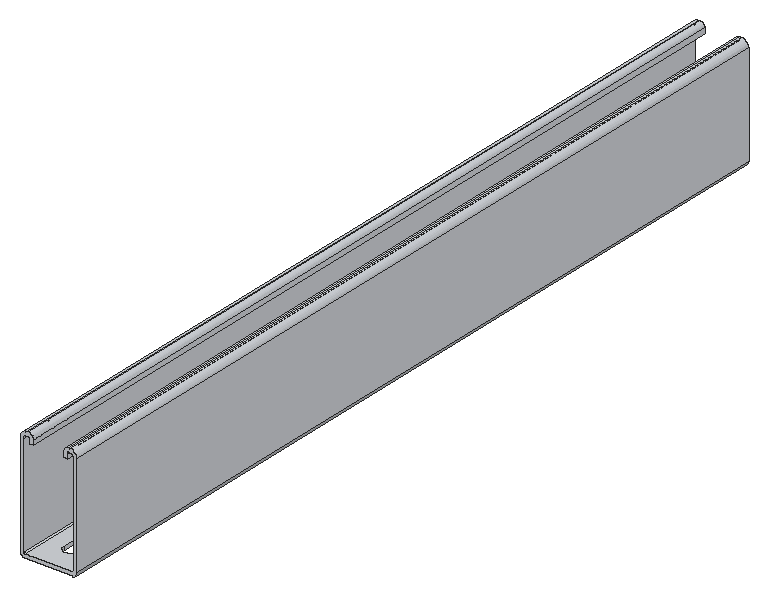
Revit family "Channel-Unistrut-P5000_SL", category Specialty Equipment, Revit 2012
Parameters (values of type "P5000 SL")
  ecoScorecard_data = ""
  ecoScorecard Product Page = ""
  Weight Per Foot = 3.00 lbf/ft
  Unit = none
  URL = "http://unistrut.us/index.php"
  Subcategory = "1 5/8\" Channels"
  Product Page URL = "http://unistrut.us/index.php?WP=cat_detail&S=S05&P=P5000sl"
  Power Strut Part Number = "PS 200 KO6"  # constant formula
  Part Type = "Channel"  # constant formula
  Part Number = ""
  Overall Width = 1 5/8"  # constant formula
  Overall Height = 3 1/4"  # constant formula
  Model = "P5000 SL"  # constant formula
  Material = "Multiple Options - See Catalog"
  Manufacturer Toll Free Phone = "800-882-5543"  # constant formula
  Manufacturer Phone = "708-339-1610"  # constant formula
  Manufacturer Fax = "708-339-7814"  # constant formula
  Manufacturer Email = "mailto:questions@atkore.com"
  Manufacturer Address = "16100 South Lathrop Avenue, Harvey, IL 60426"  # constant formula
  Manufacturer = "Unistrut by Atkore International"  # constant formula
  Load Capacity Note = "Visit the product page for load application and capacity."  # constant formula
  Literature URL = "http://unistrut.us/index.php?WP=LItLibrary"
  Length [instance] = 24"
  Knockouts Spacing From End = 2"
  Hole Spacing On Center Dimension = 4"
  Gauge Thickness = "12 Gauge (.105”)"  # constant formula
  Description = "P5000 SL Channel"  # constant formula
  Cost Info = "mailto:questions@atkore.com"
  Construction Note = "Slots are 3\" x 13⁄32\" @ 4\" on Center"
  Category = "Specialty Equipment"  # constant formula
  CSI MasterSpec = "http://www.unistrut.us/a_files/TechRef/Unistrut_CSI_05430.pdf"
  CAD URL = "http://unistrut.us/index.php?WP=CAD3d"
  Assembly Code = "D5020100"
  95 CSI = "16070"  # constant formula
  04 CSI = "26 05 48"  # constant formula
Reference planes (in)
  plane 1 "Center (Front/Back)": y = 0
  plane 2: z = 0
  plane 3 "Center (Left/Right)": x = 0
  plane 4: z = 3.25
  plane 5: y = 12
  plane 6: x = -0.8125
  plane 7: y = -12
  plane 8: x = 0.8125
  plane 9: y = -10
  plane 10: y = -6
Dimensions and locks (in)
  "Overall Height": plane 4 to level
  equal spacing: plane 6, plane 3 "Center (Left/Right)", plane 8
  "Overall Width": plane 6 to plane 8
  equal spacing: plane 5, plane 1 "Center (Front/Back)", plane 7
  "Length": plane 5 to plane 7
  "Knockouts Spacing From End": plane 7 to plane 9
  "Hole Spacing On Center Dimension": plane 10 to plane 9
  aligned and locked: level to plane 2
  aligned and locked: plane 1 "Center (Front/Back)" to nested 1
  aligned and locked: plane 3 "Center (Left/Right)" to nested 1
  aligned and locked: nested 1 to level
Nested families (in)
  nested 1: "P5000 SL Channel" at (0, 0, 0), type "P5000 SL Channel"
    with # Of Array 6
Definition of nested family "P5000 SL Channel"
  Parameters (values of type "P5000 SL Channel")
    Width = 1 5/8"
    Unit = none
    Length = 24"
    Knockouts Spacing On Center = 4"
    Knockouts Spacing From End = 2"
    Height = 3 1/4"
    # Of Array [instance] = (Length - Knockouts Spacing From End * 2) / Knockouts Spacing On Center + 1  # 6
  Reference planes (in)
    plane 1 "Center (Front/Back)": y = 0
    plane 2: z = 0
    plane 3 "Center (Left/Right)": x = 0
    plane 4: z = 3.25
    plane 5: x = -0.8125
    plane 6: x = 0.8125
    plane 7: y = 12
    plane 8: y = -12
    plane 9: x = 0.4375
    plane 10: x = -0.4375
    plane 11: z = 2.96875
    plane 12: y = -10
    plane 13: y = -6
    plane 14: z = 0.105
  Forms (in)
    Sweep 1, solid, material <- "Unit", detail levels fine
      path origin (0, 0, 0) x (1, 0, 0) y (0, 1, 0)
        loop
          line (0, 12) -> (0, -12)
      profile origin (0, 0, 0) x (1, 0, 0) y (0, 0, 1)
        loop
          line (0.7075, 3.051) -> (0.7075, 0.13625)
          arc (0.7075, 0.13625) -> (0.69835, 0.11415) -> (0.67625, 0.105) r 0.03125
          line (0.67625, 0.105) -> (-0.67625, 0.105)
          arc (-0.67625, 0.105) -> (-0.69835, 0.11415) -> (-0.7075, 0.13625) r 0.03125
          line (-0.7075, 0.13625) -> (-0.7075, 3.051)
          arc (-0.7075, 3.051) -> (-0.68004, 3.11729) -> (-0.61375, 3.14475) r 0.09375
          line (-0.61375, 3.14475) -> (-0.57375, 3.14475)
          arc (-0.57375, 3.14475) -> (-0.55165, 3.1356) -> (-0.5425, 3.1135) r 0.03125
          line (-0.5425, 3.1135) -> (-0.5425, 2.96875) -> (-0.4375, 2.96875) -> (-0.4375, 3.1135)
          arc (-0.4375, 3.1135) -> (-0.47741, 3.20984) -> (-0.57375, 3.24975) r 0.13625
          line (-0.57375, 3.24975) -> (-0.61375, 3.24975)
          arc (-0.61375, 3.24975) -> (-0.75429, 3.19154) -> (-0.8125, 3.051) r 0.19875
          line (-0.8125, 3.051) -> (-0.8125, 0.13625)
          arc (-0.8125, 0.13625) -> (-0.77259, 0.03991) -> (-0.67625, 0) r 0.13625
          line (-0.67625, 0) -> (0.67625, 0)
          arc (0.67625, 0) -> (0.77259, 0.03991) -> (0.8125, 0.13625) r 0.13625
          line (0.8125, 0.13625) -> (0.8125, 3.051)
          arc (0.8125, 3.051) -> (0.75429, 3.19154) -> (0.61375, 3.24975) r 0.19875
          line (0.61375, 3.24975) -> (0.57375, 3.24975)
          arc (0.57375, 3.24975) -> (0.47741, 3.20984) -> (0.4375, 3.1135) r 0.13625
          line (0.4375, 3.1135) -> (0.4375, 2.96875) -> (0.5425, 2.96875) -> (0.5425, 3.1135)
          arc (0.5425, 3.1135) -> (0.55165, 3.1356) -> (0.57375, 3.14475) r 0.03125
          line (0.57375, 3.14475) -> (0.61375, 3.14475)
          arc (0.61375, 3.14475) -> (0.68004, 3.11729) -> (0.7075, 3.051) r 0.09375
    Extrusion 2, void
      sketch origin (0, 1, 0) x (1, 0, 0) y (0, 1, 0)
        loop
          arc (0.20313, -9.78125) -> (0, -9.57813) -> (-0.20312, -9.78125) r 0.20313
          line (-0.20312, -9.78125) -> (-0.20312, -12.21875)
          arc (-0.20312, -12.21875) -> (0, -12.42188) -> (0.20313, -12.21875) r 0.20313
          line (0.20313, -12.21875) -> (0.20313, -9.78125)
      from 0 to 0.105
    Extrusion 3, void
      sketch origin (0, 5, 0) x (1, 0, 0) y (0, 1, 0)
        loop
          arc (0.20313, -9.78125) -> (0, -9.57813) -> (-0.20312, -9.78125) r 0.20313
          line (-0.20312, -9.78125) -> (-0.20312, -12.21875)
          arc (-0.20312, -12.21875) -> (0, -12.42188) -> (0.20313, -12.21875) r 0.20313
          line (0.20313, -12.21875) -> (0.20313, -9.78125)
      from 0 to 0.105
    Extrusion 4, void
      sketch origin (0, 9, 0) x (1, 0, 0) y (0, 1, 0)
        loop
          arc (0.20313, -9.78125) -> (0, -9.57813) -> (-0.20312, -9.78125) r 0.20313
          line (-0.20312, -9.78125) -> (-0.20312, -12.21875)
          arc (-0.20312, -12.21875) -> (0, -12.42188) -> (0.20313, -12.21875) r 0.20313
          line (0.20313, -12.21875) -> (0.20313, -9.78125)
      from 0 to 0.105
    Extrusion 5, void
      sketch origin (0, 13, 0) x (1, 0, 0) y (0, 1, 0)
        loop
          arc (0.20313, -9.78125) -> (0, -9.57813) -> (-0.20312, -9.78125) r 0.20313
          line (-0.20312, -9.78125) -> (-0.20312, -12.21875)
          arc (-0.20312, -12.21875) -> (0, -12.42188) -> (0.20313, -12.21875) r 0.20313
          line (0.20313, -12.21875) -> (0.20313, -9.78125)
      from 0 to 0.105
    Extrusion 6, void
      sketch origin (0, 17, 0) x (1, 0, 0) y (0, 1, 0)
        loop
          arc (0.20313, -9.78125) -> (0, -9.57813) -> (-0.20312, -9.78125) r 0.20313
          line (-0.20312, -9.78125) -> (-0.20312, -12.21875)
          arc (-0.20312, -12.21875) -> (0, -12.42188) -> (0.20313, -12.21875) r 0.20313
          line (0.20313, -12.21875) -> (0.20313, -9.78125)
      from 0 to 0.105
    Extrusion 7, void
      sketch origin (0, 21, 0) x (1, 0, 0) y (0, 1, 0)
        loop
          arc (0.20313, -9.78125) -> (0, -9.57813) -> (-0.20312, -9.78125) r 0.20313
          line (-0.20312, -9.78125) -> (-0.20312, -12.21875)
          arc (-0.20312, -12.21875) -> (0, -12.42188) -> (0.20313, -12.21875) r 0.20313
          line (0.20313, -12.21875) -> (0.20313, -9.78125)
      from 0 to 0.105
  Cuts and joins
    Extrusion 2, Extrusion 3, Extrusion 4, Extrusion 5, Extrusion 6, Extrusion 7 cuts Sweep 1
  Lines and regions (in)
    symbolic lines, style "Channel", detail levels fine
      curve 1: line (0.8125, 12, 0) -> (0.8125, -12, 0)
      curve 2: line (-0.8125, 12, 0) -> (0.8125, 12, 0)
      curve 3: line (-0.8125, 12, 0) -> (-0.8125, -12, 0)
      curve 4: line (0.4375, 12, 0) -> (0.4375, -12, 0)
      curve 5: line (-0.4375, 12, 0) -> (-0.4375, -12, 0)
      curve 6: line (-0.8125, -12, 0) -> (0.8125, -12, 0)
  Dimensions and locks (in)
    "Height": plane 4 to level
    equal spacing: plane 6, plane 3 "Center (Left/Right)", plane 5
    "Width": plane 6 to plane 5
    equal spacing: plane 7, plane 1 "Center (Front/Back)", plane 8
    "Length": plane 7 to plane 8
    locked: plane 6 to plane 9 at 0.375
    locked: plane 5 to plane 10 at 0.375
    locked: plane 4 to plane 11 at 0.28125
    locked: plane 6 to Sweep 1 sketch curve at 0.105
    locked: Sweep 1 sketch curve to plane 5 at 0.105
    locked: Sweep 1 sketch curve to level at 0.105
    locked: plane 4 to Sweep 1 sketch curve at 0.28125  (x2)
    "Knockouts Spacing From End": plane 8 to plane 12
    "Knockouts Spacing On Center": plane 13 to plane 12
    locked: plane 14 to level at 0.105
    equal spacing: group 1, group 2, group 3, group 4, group 5, group 6  (x3)
    aligned and locked: plane 2 to level
    aligned and locked: plane 8 to Sweep 1 sketch curve
    aligned and locked: plane 7 to Sweep 1 sketch curve
    aligned and locked: Sweep 1 sketch curve to plane 3 "Center (Left/Right)"
    aligned and locked: plane 6 to Sweep 1 sketch curve
    aligned and locked: Sweep 1 sketch curve to plane 5
    aligned and locked: Sweep 1 sketch curve to level
    aligned and locked: plane 14 to Sweep 1
    aligned and locked: nested 1 to plane 14
    aligned and locked: plane 3 "Center (Left/Right)" to nested 1
    aligned and locked: nested 1 to plane 12
    aligned and locked: nested 2 to plane 13
    aligned and locked: plane 3 "Center (Left/Right)" to nested 2
    aligned and locked: Extrusion 2 to level
    aligned and locked: Sweep 1 to Extrusion 2
    aligned and locked: plane 1 "Center (Front/Back)" to nested 7
    aligned and locked: plane 3 "Center (Left/Right)" to nested 7
    aligned and locked: nested 7 to level
    aligned and locked: curve 1 to plane 6
    aligned and locked: curve 2 to plane 7
    aligned and locked: curve 3 to plane 5
    aligned and locked: curve 4 to plane 9
    aligned and locked: plane 10 to curve 5
    aligned and locked: plane 8 to curve 6
    aligned and locked: Extrusion 2 sketch curve to nested 1  (x2)
    aligned and locked: Extrusion 3 sketch curve to nested 2  (x2)
    aligned and locked: Extrusion 4 sketch curve to nested 3  (x2)
    aligned and locked: Extrusion 5 sketch curve to nested 4  (x2)
    aligned and locked: Extrusion 6 sketch curve to nested 5  (x2)
    aligned and locked: Extrusion 7 sketch curve to nested 6  (x2)
  Automatic sketch dimensions
    Sweep 1 sketch curve to Sweep 1 sketch curve = 0"  (x10)
    Sweep 1 sketch curve to Sweep 1 sketch curve = 1/32"  (x3)
    Sweep 1 sketch curve to Sweep 1 sketch curve = 3/32"  (x2)
    Sweep 1 sketch curve to Sweep 1 sketch curve = 0.04"  (x2)
    Sweep 1 sketch curve to profile plane = 0.67625"
    Sweep 1 sketch curve to Sweep 1 sketch curve = 0.08225"  (x2)
    curve 4 to curve 1 = 0"
    curve 1 to curve 4 = 0"
    curve 5 to curve 3 = 0"
    curve 3 to curve 5 = 0"
    Extrusion 2 sketch curve to Extrusion 2 sketch curve = 2 7/16"
    Extrusion 3 sketch curve to Extrusion 3 sketch curve = 2 7/16"
    Extrusion 4 sketch curve to Extrusion 4 sketch curve = 2 7/16"
    Extrusion 5 sketch curve to Extrusion 5 sketch curve = 2 7/16"
    Extrusion 6 sketch curve to Extrusion 6 sketch curve = 2 7/16"
    Extrusion 7 sketch curve to Extrusion 7 sketch curve = 2 7/16"
  Nested families (in)
    nested 1: "Model Line" at (0, -10, 0.105), type "Model Line"
    nested 2: "Model Line" at (0, -6, 0.105), type "Model Line"
    nested 3: "Model Line" at (0, -2, 0.105), type "Model Line"
    nested 4: "Model Line" at (0, 2, 0.105), type "Model Line"
    nested 5: "Model Line" at (0, 6, 0.105), type "Model Line"
    nested 6: "Model Line" at (0, 10, 0.105), type "Model Line"
    nested 7: "P5000 T_Detail" at (0, 0, 0), type "P5000 T_Detail"
  Definition of nested family "Model Line"
    Parameters (values of type "Model Line")
      Hole Radius = 9/32"
    Reference planes (in)
      plane 1 "Center (Front/Back)": y = 0
      plane 2: z = 0
      plane 3 "Center (Left/Right)": x = 0
    Lines and regions (in)
      model lines, style "Channel", detail levels fine
        curve 1: line (-0.20312, -1.21875, 0) -> (-0.20312, 1.21875, 0)
        curve 2: line (0.20313, 1.21875, 0) -> (0.20313, -1.21875, 0)
        curve 3: arc (-0.20312, 1.21875, 0) -> (0, 1.42187, 0) -> (0.20313, 1.21875, 0) r 0.20313
        curve 4: arc (-0.20312, -1.21875, 0) -> (0, -1.42188, 0) -> (0.20313, -1.21875, 0) r 0.20313
    Dimensions and locks (in)
      aligned and locked: plane 2 to level
  Definition of nested family "P5000 T_Detail"
    Parameters (values of type "P5000 T_Detail")
      Unit = none
      Length = 12"
      Height = 3 1/4"  # constant formula
      Depth = 1 5/8"  # constant formula
    Reference planes (in)
      plane 1 "Center (Front/Back)": y = 0
      plane 2: z = 0
      plane 3 "Center (Left/Right)": x = 0
      plane 4: y = 6
      plane 5: y = -6
      plane 6: x = -0.8125
      plane 7: x = 0.8125
      plane 8: z = 3.25
    Forms (in)
      Sweep 1, solid, material <- "Unit", detail levels coarse+medium
        path origin (0, 0, 0) x (1, 0, 0) y (0, 1, 0)
          loop
            line (0, 6) -> (0, -6)
        profile origin (0, 0, 0) x (1, 0, 0) y (0, 0, 1)
          loop
            line (0.8125, 3.25) -> (-0.8125, 3.25) -> (-0.8125, 0) -> (0.8125, 0) -> (0.8125, 3.25)
    Lines and regions (in)
      symbolic lines, style "Channel", detail levels coarse+medium
        curve 1: line (-0.8125, 6, 0) -> (0.8125, 6, 0)
        curve 2: line (0.8125, 6, 0) -> (0.8125, -6, 0)
        curve 3: line (-0.8125, 6, 0) -> (-0.8125, -6, 0)
        curve 4: line (-0.8125, -6, 0) -> (0.8125, -6, 0)
    Dimensions and locks (in)
      equal spacing: plane 6, plane 3 "Center (Left/Right)", plane 7
      "Depth": plane 6 to plane 7
      equal spacing: plane 4, plane 1 "Center (Front/Back)", plane 5
      "Length": plane 4 to plane 5
      "Height": plane 8 to level
      aligned and locked: plane 2 to level
      aligned and locked: plane 5 to Sweep 1 sketch curve
      aligned and locked: plane 4 to Sweep 1 sketch curve
      aligned and locked: Sweep 1 sketch curve to plane 3 "Center (Left/Right)"
      aligned and locked: Sweep 1 sketch curve to plane 7
      aligned and locked: Sweep 1 sketch curve to plane 8
      aligned and locked: Sweep 1 sketch curve to plane 6
      aligned and locked: Sweep 1 sketch curve to level
      aligned and locked: curve 1 to plane 4
      aligned and locked: curve 2 to plane 7
      aligned and locked: curve 3 to plane 6
      aligned and locked: curve 4 to plane 5
